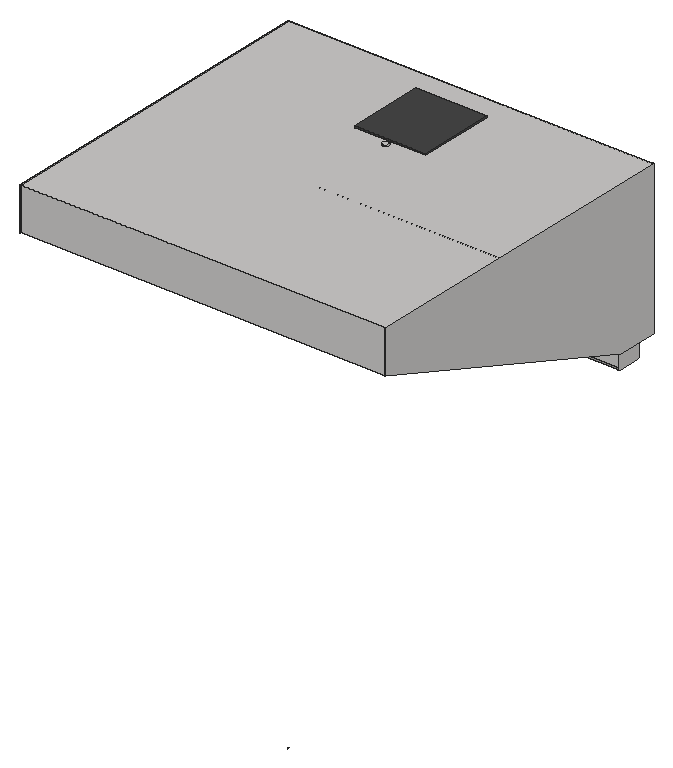
Revit family "QF_ELECTROLUXPROFESSIONAL_644191_AMPV1112BT", category Specialty Equipment, Revit 2014
Reference planes
  plane 1 "Center (Front/Back)": y = 0
  plane 2: z = 0
  plane 3 "Center (Left/Right)": x = 150
  plane 4 "LEFT": x = -450
  plane 5 "RIGHT": x = 750
  plane 6 "BACK": y = 550
  plane 7 "FRONT": y = -550
  plane 8 "Plane": z = 2000
  plane 9 "TOP": z = 2140
  plane 10 "Base": z = 1640
  plane 11: z = 1566
  plane 12 "DrainY": y = 485
  plane 13: x = -447
  plane 14: through (0, 414.509, 1640.8) normal (0, 0.7314, 0.682)
  plane 15: y = 470
  plane 16: y = 220
  plane 17 "DrainX": x = 630
  plane 18: x = 33.5
  plane 19: x = 266.5
  plane 20: x = 747
  plane 21: x = 540
  plane 22: x = 720
  plane 23: x = -410
  plane 24: x = 710
  plane 25: x = -47.5
  plane 26: x = 347.5
  plane 27: y = 200
Forms (mm)
  Extrusion 1, solid, material "QF_Finishes_Stainless Steel"
    sketch origin (-450, 0, 0) x (0, 1, 0) y (0, 0, 1)
      loop
        line (550, 1640) -> (550, 2140) -> (-550, 2140) -> (-550, 1999.112) -> (413.973, 1640) -> (550, 1640)
    from 0 to 3
  Extrusion 2, solid, material "QF_Finishes_Stainless Steel"
    sketch origin (150, 0, 0) x (0, 1, 0) y (0, 0, 1)
      loop
        line (415.255, 1640) -> (550, 1640) -> (550, 2139.19) -> (549.2, 2139.19) -> (549.2, 1640.8) -> (415.876, 1640.8) -> (339.347, 1722.867) -> (349.609, 1732.436) -> (348.927, 1733.167) -> (337.934, 1722.917) -> (415.255, 1640)
      loop
        line (-82.203, 2139.19) -> (-82.203, 2118.6) -> (-31.047, 2118.6) -> (34.354, 2048.466) -> (46.028, 2059.352) -> (45.346, 2060.083) -> (34.403, 2049.879) -> (-30.612, 2119.6) -> (-81.203, 2119.6) -> (-81.203, 2139.19) -> (-82.203, 2139.19)
    from -597 to 597
  Extrusion 3, solid, material "QF_Finishes_Stainless Steel"
    sketch origin (750, 0, 0) x (0, 1, 0) y (0, 0, 1)
      loop
        line (550, 1640) -> (550, 2140) -> (-550, 2140) -> (-550, 1999.112) -> (413.973, 1640) -> (550, 1640)
    from 0 to -3
  Extrusion 4, solid, material "QF_Finishes_Stainless Steel"
    sketch origin (150, 0, 0) x (0, 1, 0) y (0, 0, 1)
      loop
        line (-550, 2140) -> (-550, 2000) -> (-549.2, 2000) -> (-549.2, 2139.19) -> (550, 2139.19) -> (550, 2140) -> (-550, 2140)
    from -600 to 600
  Extrusion 5, solid, material "QF_Finishes_Stainless Steel"
    sketch origin (150, 0, 0) x (0, 1, 0) y (0, 0, 1)
      loop
        line (534, 1640) -> (436, 1640) -> (436, 1627) -> (443.5, 1627) -> (443.5, 1576)
        arc (443.5, 1576) -> (446.429, 1568.929) -> (453.5, 1566) r 10
        line (453.5, 1566) -> (516.5, 1566)
        arc (516.5, 1566) -> (523.571, 1568.929) -> (526.5, 1576) r 10
        line (526.5, 1576) -> (526.5, 1627) -> (534, 1627) -> (534, 1640)
    from 390 to 570
  Extrusion 6, solid, material "QF_Finishes_Stainless Steel"
    sketch origin (0, 0, 1640) x (0, 1, 0) y (-1, 0, 0)
      loop
        circle (485, -630) r 20
    from -76 to -74
  Extrusion 7, solid, material "QF_Finished_Chrome"
    sketch origin (150, 0, 0) x (0, 1, 0) y (0, 0, 1)
      loop
        line (337.934, 1722.917) -> (341.591, 1726.327) -> (38.011, 2051.876) -> (34.354, 2048.466) -> (337.934, 1722.917)
    from -197.5 to -560
  Extrusion 8, solid, material "QF_Finishes_Stainless Steel"
    sketch origin (150, 0, 0) x (0, 1, 0) y (0, 0, 1)
      loop
        line (337.934, 1722.917) -> (341.591, 1726.327) -> (38.011, 2051.876) -> (34.354, 2048.466) -> (337.934, 1722.917)
    from 597 to 560
  Extrusion 9, solid, material "QF_Finished_Chrome"
    sketch origin (150, 0, 0) x (0, 1, 0) y (0, 0, 1)
      loop
        line (341.588, 1726.324) -> (38.009, 2051.874) -> (34.354, 2048.466) -> (337.934, 1722.917) -> (341.588, 1726.324)
    from 197.5 to 560
  Extrusion 10, solid, material "QF_Finishes_Black"
    sketch origin (0, 0, 2140) x (0, 1, 0) y (-1, 0, 0)
      loop
        line (470, -266.5) -> (470, -33.5) -> (220, -33.5) -> (220, -266.5) -> (470, -266.5)
    from 5 to 0
  Extrusion 11, solid, material "QF_Finishes_Stainless Steel"
    sketch origin (0, 0, 0) x (1, 0, 0) y (0, 1, 0)
      loop
        line (-450, 550) -> (-450, 549) -> (-449, 549) -> (-449, 550) -> (-450, 550)
    from 0 to 1
  Extrusion 12, solid, material "QF_Finishes_Stainless Steel"
    sketch origin (150, 0, 0) x (0, 1, 0) y (0, 0, 1)
      loop
        line (337.934, 1722.917) -> (341.591, 1726.327) -> (38.011, 2051.876) -> (34.354, 2048.466) -> (337.934, 1722.917)
    from -560 to -597
  Extrusion 13, solid, material "QF_Finishes_Stainless Steel"
    sketch origin (150, 0, 0) x (0, 1, 0) y (0, 0, 1)
      loop
        line (337.934, 1722.917) -> (341.591, 1726.327) -> (38.011, 2051.876) -> (34.354, 2048.466) -> (337.934, 1722.917)
    from 197.5 to -197.5
  Extrusion 14, solid, material "QF_Finishes_Stainless Steel"
    sketch origin (0, 0, 2140) x (0, 1, 0) y (-1, 0, 0)
      loop
        circle (200, -150) r 10
    from 0 to 1.6
Cuts and joins
  joined: Extrusion 2, Extrusion 4
Lines and regions (mm)
  reference lines
    curve 1: line (150, 34.354, 2048.466) -> (150, 34.354, 1888.466)
  symbolic lines, style "SpecialityEquipment", detail levels coarse
    curve 2: line (750, 550, 2140) -> (-450, 550, 2140)
    curve 3: line (-450, 550, 2140) -> (-450, -550, 2140)
    curve 4: line (750, -550, 2140) -> (750, 550, 2140)
    curve 5: line (-450, -550, 2140) -> (750, -550, 2140)
    curve 6: line (266.5, 220, 2140) -> (33.5, 220, 2140)
    curve 7: line (266.5, 470, 2140) -> (266.5, 220, 2140)
    curve 8: line (33.5, 470, 2140) -> (266.5, 470, 2140)
    curve 9: line (33.5, 220, 2140) -> (33.5, 470, 2140)
    curve 10: line (-450, -550, 0) -> (750, 550, 0)
    curve 11: line (-450, 550, 0) -> (750, -550, 0)
Dimensions and locks
  plane 4 "LEFT" to plane 5 "RIGHT" = 1200 mm
  equal spacing: plane 4 "LEFT", plane 3 "Center (Left/Right)", plane 5 "RIGHT"
  locked: plane 8 "Plane" to level at 2000
  plane 9 "TOP" to plane 8 "Plane" = 140 mm
  locked: plane 9 "TOP" to plane 10 "Base" at 500
  plane 10 "Base" to plane 11 = 74 mm
  plane 6 "BACK" to plane 12 "DrainY" = 65 mm  (x2)
  plane 4 "LEFT" to plane 13 = 3 mm
  plane 6 "BACK" to plane 15 = 80 mm
  plane 15 to plane 16 = 250 mm  (x2)
  plane 17 "DrainX" to plane 5 "RIGHT" = 120 mm
  plane 20 to plane 5 "RIGHT" = 3 mm
  locked: plane 21 to plane 17 "DrainX" at 90
  locked: plane 17 "DrainX" to plane 22 at 90
  plane 6 "BACK" to plane 7 "FRONT" = 1100 mm  (x2)
  equal spacing: plane 6 "BACK", plane 1 "Center (Front/Back)", plane 7 "FRONT"
  plane 16 to plane 7 "FRONT" = 770 mm
  plane 15 to plane 6 "BACK" = 80 mm
  locked: plane 4 "LEFT" to plane 23 at 40
  locked: plane 24 to plane 5 "RIGHT" at 40
  locked: plane 25 to plane 26 at 395
  equal spacing: plane 25, plane 3 "Center (Left/Right)", plane 26
  locked: plane 18 to plane 19 at 233
  equal spacing: plane 18, plane 3 "Center (Left/Right)", plane 19
  plane 16 to plane 27 = 20 mm
  aligned and locked: level to plane 2
  aligned and locked: Extrusion 2 to Extrusion 1
  aligned and locked: Extrusion 2 to Extrusion 3
  aligned and locked: plane 5 "RIGHT" to Extrusion 4
  aligned and locked: Extrusion 4 to plane 4 "LEFT"
  aligned and locked: plane 20 to Extrusion 8
  aligned and locked: Extrusion 10 to plane 18
  aligned and locked: Extrusion 10 to plane 16
  aligned and locked: Extrusion 10 to plane 15
  aligned and locked: Extrusion 2 to Extrusion 4
  aligned and locked: plane 22 to Extrusion 5
  aligned and locked: Extrusion 5 to plane 21
  aligned and locked: Extrusion 8 to plane 24
  aligned and locked: Extrusion 9 to plane 24
  aligned and locked: Extrusion 7 to plane 23
  aligned and locked: Extrusion 12 to plane 13
  aligned and locked: plane 23 to Extrusion 12
  aligned and locked: Extrusion 3 to plane 20
  aligned and locked: Extrusion 10 to plane 19
  aligned and locked: plane 19 to curve 7
  aligned and locked: plane 26 to Extrusion 13
  aligned and locked: Extrusion 13 to plane 25
  aligned and locked: Extrusion 9 to plane 26
Automatic sketch dimensions
  curve 5 to plane 5 "RIGHT" = 0 mm
  curve 5 to plane 7 "FRONT" = 0 mm
  curve 6 to plane 16 = 0 mm
  plane 15 to curve 8 = 0 mm
  curve 3 to plane 4 "LEFT" = 0 mm
  curve 3 to plane 6 "BACK" = 0 mm
  curve 6 to plane 18 = 0 mm
  Extrusion 1 sketch curve to plane 7 "FRONT" = 0 mm
  Extrusion 1 sketch curve to plane 10 "Base" = 0 mm
  Extrusion 1 sketch curve to plane 6 "BACK" = 0 mm
  Extrusion 1 sketch curve to plane 9 "TOP" = 0 mm
  plane 15 to Extrusion 1 sketch curve = 56.027 mm
  Extrusion 1 sketch curve to plane 8 "Plane" = 0.888 mm
  Extrusion 2 sketch curve to plane 14 = 0 mm  (x3)
  Extrusion 2 sketch curve to plane 10 "Base" = 0 mm
  plane 14 to Extrusion 2 sketch curve = 0 mm
  Extrusion 2 sketch curve to plane 6 "BACK" = 0 mm
  Extrusion 2 sketch curve to Extrusion 2 sketch curve = 65.646 mm
  Extrusion 2 sketch curve to Extrusion 2 sketch curve = 0.682 mm  (x2)
  Extrusion 2 sketch curve to Extrusion 2 sketch curve = 10.261 mm
  plane 10 "Base" to Extrusion 2 sketch curve = 82.917 mm
  Extrusion 2 sketch curve to plane 1 "Center (Front/Back)" = 46.028 mm
  Extrusion 2 sketch curve to Extrusion 2 sketch curve = 10.942 mm
  Extrusion 2 sketch curve to Extrusion 2 sketch curve = 0.049 mm
  Extrusion 2 sketch curve to plane 9 "TOP" = 20.4 mm
  Extrusion 2 sketch curve to plane 9 "TOP" = 21.4 mm
  Extrusion 2 sketch curve to plane 9 "TOP" = 0.81 mm  (x2)
  Extrusion 2 sketch curve to Extrusion 2 sketch curve = 50.156 mm
  Extrusion 2 sketch curve to Extrusion 2 sketch curve = 1 mm
  plane 10 "Base" to Extrusion 2 sketch curve = 0.8 mm
  Extrusion 2 sketch curve to plane 6 "BACK" = 0.8 mm
  Extrusion 3 sketch curve to plane 7 "FRONT" = 0 mm
  Extrusion 3 sketch curve to plane 10 "Base" = 0 mm
  Extrusion 3 sketch curve to plane 6 "BACK" = 0 mm
  Extrusion 3 sketch curve to plane 9 "TOP" = 0 mm
  plane 15 to Extrusion 3 sketch curve = 56.027 mm
  Extrusion 3 sketch curve to plane 8 "Plane" = 0.888 mm
  Extrusion 4 sketch curve to plane 7 "FRONT" = 0 mm
  Extrusion 4 sketch curve to plane 8 "Plane" = 0 mm
  Extrusion 4 sketch curve to plane 6 "BACK" = 0 mm
  Extrusion 4 sketch curve to plane 9 "TOP" = 0 mm
  plane 7 "FRONT" to Extrusion 4 sketch curve = 0.8 mm
  Extrusion 4 sketch curve to plane 9 "TOP" = 0.81 mm
  curve 1 to plane 14 = 0 mm
  curve 1 to plane 1 "Center (Front/Back)" = 34.354 mm
  curve 1 to plane 8 "Plane" = 111.534 mm
  Extrusion 5 sketch curve to plane 10 "Base" = 0 mm
  Extrusion 5 sketch curve to plane 11 = 0 mm
  Extrusion 5 sketch curve to plane 10 "Base" = 13 mm  (x2)
  plane 15 to Extrusion 5 sketch curve = 34 mm
  Extrusion 5 sketch curve to Extrusion 5 sketch curve = 7.5 mm  (x2)
  Extrusion 5 sketch curve to Extrusion 5 sketch curve = 10 mm
  plane 12 "DrainY" to Extrusion 5 sketch curve = 31.5 mm
  Extrusion 5 sketch curve to plane 6 "BACK" = 23.5 mm
  Extrusion 6 sketch curve to plane 12 "DrainY" = 0 mm
  Extrusion 6 sketch curve to plane 17 "DrainX" = 0 mm
  Extrusion 7 sketch curve to plane 14 = 0 mm  (x2)
  Extrusion 7 sketch curve to plane 1 "Center (Front/Back)" = 34.354 mm
  Extrusion 7 sketch curve to Extrusion 7 sketch curve = 3.657 mm
  plane 10 "Base" to Extrusion 7 sketch curve = 82.917 mm
  Extrusion 8 sketch curve to plane 14 = 0 mm  (x2)
  Extrusion 8 sketch curve to plane 1 "Center (Front/Back)" = 34.354 mm
  Extrusion 8 sketch curve to Extrusion 8 sketch curve = 3.657 mm
  plane 10 "Base" to Extrusion 8 sketch curve = 82.917 mm
  Extrusion 9 sketch curve to plane 14 = 0 mm  (x2)
  Extrusion 9 sketch curve to plane 1 "Center (Front/Back)" = 34.354 mm
  Extrusion 9 sketch curve to Extrusion 9 sketch curve = 3.655 mm
  plane 10 "Base" to Extrusion 9 sketch curve = 82.917 mm
  Extrusion 10 sketch curve to plane 16 = 0 mm
  plane 15 to Extrusion 10 sketch curve = 0 mm
  Extrusion 10 sketch curve to plane 19 = 0 mm
  Extrusion 10 sketch curve to plane 18 = 0 mm
  Extrusion 11 sketch curve to plane 4 "LEFT" = 0 mm
  Extrusion 11 sketch curve to plane 6 "BACK" = 0 mm
  plane 4 "LEFT" to Extrusion 11 sketch curve = 1 mm
  Extrusion 11 sketch curve to Extrusion 11 sketch curve = 1 mm
  Extrusion 12 sketch curve to plane 14 = 0 mm  (x2)
  Extrusion 12 sketch curve to plane 1 "Center (Front/Back)" = 34.354 mm
  Extrusion 12 sketch curve to Extrusion 12 sketch curve = 3.657 mm
  plane 10 "Base" to Extrusion 12 sketch curve = 82.917 mm
  Extrusion 13 sketch curve to plane 14 = 0 mm  (x2)
  Extrusion 13 sketch curve to plane 1 "Center (Front/Back)" = 34.354 mm
  Extrusion 13 sketch curve to Extrusion 13 sketch curve = 3.657 mm
  plane 10 "Base" to Extrusion 13 sketch curve = 82.917 mm
  curve 11 to plane 4 "LEFT" = 0 mm
  curve 10 to plane 4 "LEFT" = 0 mm
  curve 11 to plane 5 "RIGHT" = 0 mm
  curve 10 to plane 5 "RIGHT" = 0 mm
  curve 11 to plane 7 "FRONT" = 0 mm
  curve 10 to plane 7 "FRONT" = 0 mm
  curve 11 to plane 6 "BACK" = 0 mm
  curve 10 to plane 6 "BACK" = 0 mm
  Extrusion 14 sketch curve to plane 3 "Center (Left/Right)" = 0 mm
  plane 27 to Extrusion 14 sketch curve = 0 mm
  radius of Extrusion 6 sketch curve = 20 mm
  radius of Extrusion 14 sketch curve = 10 mm
Connectors
  piping at (630, 485, 1564), diameter 20
    settings: on Extrusion 6, index 1, connector inside diameter 609.6 mm, connector length 0 mm, flow factor 0, pipe flow 0.0 L/s, pressure drop 0.0 Pa, fitting loss kfactor 0, connector angle 0.00°, fixture units 0, engagement length 0 mm, angle of deflection 0.00°, flow configuration 1, flow direction 2, fitting loss method 0, system type 16, joint type 0, gender type 0, connector reference index -1, connector utility 0, adjustable connector no, is connector primary yes, connector description "Drain"
  hvac at (150, 345, 2145)
    settings: on Extrusion 10, index 2, duct flow 0.0 L/s, flow factor 0, pres drop 0.0 Pa, loss coef 0, conn angle 0.00°, conn width 250 mm, conn height 233 mm, conn diameter 609.6 mm, duct sys type 3, conn prof type 1, flow config 0, flow direction 2, loss method 0, conn ref index -1, conn util no, is conn primary yes, conn desc "EXHAUST OUTLET"
  electrical at (150, 200, 2141.6)
    settings: on Extrusion 14, index 3, voltage 0 V, apparent load 0 VA, apparent load phase1 0 VA, apparent load phase2 0 VA, apparent load phase3 0 VA, power factor 1, load classification "Other", number of poles 1, system type 30, power factor state 1, is connector primary yes, connector utility no, sub classification motor no, connector description "Electrical Connection"
